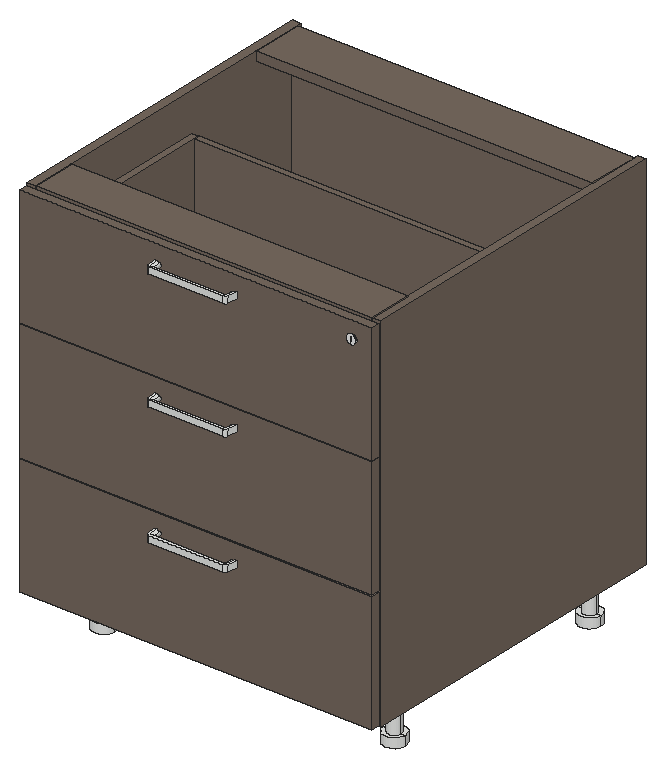
Revit family "Base_Cabinets-Teknion-CEBDT_Base_Cabinet_Three_Drawers-R2022", category Furniture, Revit 2023 (continued)
Dimensions and locks (in)
  Sweep 24 sketch curve to Sweep 24 sketch curve to plane 5 "Right" = 0.43701" locked, 0.74016" locked
  Sweep 24 sketch curve to Sweep 24 sketch curve to plane 4 "Left" = 0.43701" locked, 0.74016" locked
  locked: Sweep 24 sketch curve to Sweep 24 sketch curve at 1.5  (x3)
  locked: Sweep 25 sketch curve to plane 7 "Front" at 0.05906
  Sweep 25 sketch curve to Sweep 25 sketch curve to Sweep 25 sketch curve to plane 5 "Right" = 0.04921" locked, 0.04921" locked, 1.70276" locked
  plane 8 "Top" to Sweep 25 sketch curve to Sweep 25 sketch curve to Sweep 25 sketch curve = 1.39173" locked, 0.18701" locked, 0.18701" locked
  Masking region 4 sketch curve to Masking region 4 sketch curve to Masking region 4 sketch curve to plane 3 "Center Left/Right" to Masking region 4 sketch curve to Masking region 4 sketch curve to Masking region 4 sketch curve = 0.50841" locked, 0.12564" locked, 2.86103" locked, 2.86103" locked, 0.12564" locked, 0.50841" locked
  locked: plane 12 to plane 14 at 0.11812
  locked: plane 15 to plane 16 at 0.11812
  "Dim - Front": plane 14 to plane 15
  locked: plane 17 to plane 9 at 0.11811
  "Dim - Front": plane 16 to plane 17
  locked: plane 8 "Top" to plane 18 at 0.11811
  locked: plane 7 "Front" to Sweep 26 sketch curve at 0.70079
  locked: Sweep 26 sketch curve to plane 4 "Left" at 0.05906
  locked: Sweep 26 sketch curve to plane 5 "Right" at 0.05906
  Sweep 27 sketch curve to Sweep 27 sketch curve to plane 2 = 0.531" locked, 13.82431" locked
  Sweep 27 sketch curve to Sweep 27 sketch curve to Sweep 27 sketch curve to Sweep 27 sketch curve to Sweep 27 sketch curve to plane 3 "Center Left/Right" to Sweep 27 sketch curve to Sweep 27 sketch curve to Sweep 27 sketch curve to Sweep 27 sketch curve to Sweep 27 sketch curve = 0.09873" locked, 0.03907" locked, 0.12564" locked, 0.08343" locked, 3.14821" locked, 3.14821" locked, 0.08343" locked, 0.12564" locked, 0.03907" locked, 0.09873" locked
  Sweep 27 sketch curve to Sweep 27 sketch curve to plane 7 "Front" = 0.23622" locked, 0.7874" locked
  Sweep 28 sketch curve to Sweep 28 sketch curve to plane 2 = 0.531" locked, 12.60561" locked
  Sweep 28 sketch curve to Sweep 28 sketch curve to Sweep 28 sketch curve to Sweep 28 sketch curve to Sweep 28 sketch curve to plane 3 "Center Left/Right" to Sweep 28 sketch curve to Sweep 28 sketch curve to Sweep 28 sketch curve to Sweep 28 sketch curve to Sweep 28 sketch curve = 0.09873" locked, 0.03907" locked, 0.12564" locked, 0.08343" locked, 3.14821" locked, 3.14821" locked, 0.08343" locked, 0.12564" locked, 0.03907" locked, 0.09873" locked
  Sweep 28 sketch curve to Sweep 28 sketch curve to plane 7 "Front" = 0.23622" locked, 0.7874" locked
  Sweep 30 sketch curve to Sweep 30 sketch curve to Sweep 30 sketch curve to Sweep 30 sketch curve to Sweep 30 sketch curve to plane 3 "Center Left/Right" = 0.03625" locked, 0.001" locked, 0.23103" locked, 0.000" locked, 3.03336" locked
  Sweep 30 sketch curve to Sweep 30 sketch curve to Sweep 30 sketch curve to Sweep 30 sketch curve to Sweep 30 sketch curve to plane 2 = 0.11466" locked, 0.15109" locked, 0.15109" locked, 0.11416" locked, 13.82431" locked
  plane 3 "Center Left/Right" to Sweep 30 sketch curve to Sweep 30 sketch curve = 3.17469" locked, 0.25392" locked
  Sweep 30 sketch curve to plane 7 "Front" to Sweep 30 sketch curve = 1.14439" locked, 0.44698" locked
  Sweep 29 sketch curve to Sweep 29 sketch curve to Sweep 29 sketch curve to Sweep 29 sketch curve to Sweep 29 sketch curve to plane 3 "Center Left/Right" = 0.03625" locked, 0.001" locked, 0.23103" locked, 0.000" locked, 3.03336" locked
  Sweep 29 sketch curve to Sweep 29 sketch curve to Sweep 29 sketch curve to Sweep 29 sketch curve to Sweep 29 sketch curve to plane 2 = 0.11466" locked, 0.15109" locked, 0.15109" locked, 0.11416" locked, 12.60561" locked
  plane 3 "Center Left/Right" to Sweep 29 sketch curve to Sweep 29 sketch curve = 3.17469" locked, 0.25392" locked
  Sweep 29 sketch curve to plane 7 "Front" to Sweep 29 sketch curve = 1.14439" locked, 0.44698" locked
  Sweep 31 sketch curve to Sweep 31 sketch curve to Sweep 31 sketch curve to Sweep 31 sketch curve to Sweep 31 sketch curve to plane 3 "Center Left/Right" = 0.03625" locked, 0.001" locked, 0.23103" locked, 0.000" locked, 3.03336" locked
  Sweep 31 sketch curve to Sweep 31 sketch curve to Sweep 31 sketch curve to Sweep 31 sketch curve to Sweep 31 sketch curve to plane 2 = 0.11466" locked, 0.15109" locked, 0.15109" locked, 0.11416" locked, 13.82431" locked
  plane 3 "Center Left/Right" to Sweep 31 sketch curve to Sweep 31 sketch curve = 3.17469" locked, 0.25392" locked
  Sweep 31 sketch curve to plane 7 "Front" to Sweep 31 sketch curve = 1.14439" locked, 0.44698" locked
  Sweep 32 sketch curve to Sweep 32 sketch curve to Sweep 32 sketch curve to Sweep 32 sketch curve to Sweep 32 sketch curve to plane 3 "Center Left/Right" = 0.03625" locked, 0.001" locked, 0.23103" locked, 0.000" locked, 3.03336" locked
  Sweep 32 sketch curve to Sweep 32 sketch curve to Sweep 32 sketch curve to Sweep 32 sketch curve to Sweep 32 sketch curve to plane 2 = 0.11466" locked, 0.15109" locked, 0.15109" locked, 0.11416" locked, 12.60561" locked
  Sweep 33 sketch curve to Sweep 33 sketch curve to plane 2 = 0.531" locked, 11.45975" locked
  Sweep 36 sketch curve to Sweep 36 sketch curve to plane 2 = 0.531" locked, 20.62569"
  Sweep 36 sketch curve to Sweep 36 sketch curve to Sweep 36 sketch curve to Sweep 36 sketch curve to Sweep 36 sketch curve to plane 3 "Center Left/Right" to Sweep 36 sketch curve to Sweep 36 sketch curve to Sweep 36 sketch curve to Sweep 36 sketch curve to Sweep 36 sketch curve = 0.09873" locked, 0.03907" locked, 0.12564" locked, 0.08343" locked, 3.14821" locked, 3.14821" locked, 0.08343" locked, 0.12564" locked, 0.03907" locked, 0.09873" locked
  Sweep 36 sketch curve to Sweep 36 sketch curve to plane 7 "Front" = 0.23622" locked, 0.7874" locked
  Sweep 33 sketch curve to Sweep 33 sketch curve to Sweep 33 sketch curve to Sweep 33 sketch curve to Sweep 33 sketch curve to plane 3 "Center Left/Right" to Sweep 33 sketch curve to Sweep 33 sketch curve to Sweep 33 sketch curve to Sweep 33 sketch curve to Sweep 33 sketch curve = 0.09873" locked, 0.03907" locked, 0.12564" locked, 0.08343" locked, 3.14821" locked, 3.14821" locked, 0.08343" locked, 0.12564" locked, 0.03907" locked, 0.09873" locked
  Sweep 33 sketch curve to Sweep 33 sketch curve to plane 7 "Front" = 0.23622" locked, 0.7874" locked
  plane 3 "Center Left/Right" to Sweep 34 sketch curve to Sweep 34 sketch curve = 3.17469" locked, 0.25392" locked
  Sweep 34 sketch curve to plane 7 "Front" to Sweep 34 sketch curve = 1.14439" locked, 0.44698" locked
  Sweep 34 sketch curve to Sweep 34 sketch curve to Sweep 34 sketch curve to Sweep 34 sketch curve to Sweep 34 sketch curve to plane 3 "Center Left/Right" = 0.03625" locked, 0.001" locked, 0.23103" locked, 0.000" locked, 3.03336" locked
  Sweep 34 sketch curve to Sweep 34 sketch curve to Sweep 34 sketch curve to Sweep 34 sketch curve to Sweep 34 sketch curve to plane 2 = 0.11466" locked, 0.15109" locked, 0.15109" locked, 0.11416" locked, 11.45975" locked
  Sweep 35 sketch curve to Sweep 35 sketch curve to Sweep 35 sketch curve to Sweep 35 sketch curve to Sweep 35 sketch curve to plane 3 "Center Left/Right" = 0.03625" locked, 0.001" locked, 0.23103" locked, 0.000" locked, 3.03336" locked
  Sweep 35 sketch curve to Sweep 35 sketch curve to Sweep 35 sketch curve to Sweep 35 sketch curve to Sweep 35 sketch curve to plane 2 = 0.11466" locked, 0.15109" locked, 0.15109" locked, 0.11416" locked, 11.45975" locked
  Sweep 35 sketch curve to Sweep 35 sketch curve to plane 3 "Center Left/Right" = 0.25392" locked, 3.17469" locked
  Sweep 35 sketch curve to plane 7 "Front" to Sweep 35 sketch curve = 1.14439" locked, 0.44698" locked
  Sweep 37 sketch curve to plane 7 "Front" to Sweep 37 sketch curve = 1.14439" locked, 0.44698" locked
  plane 3 "Center Left/Right" to Sweep 37 sketch curve to Sweep 37 sketch curve = 3.17469" locked, 0.25392" locked
  Sweep 37 sketch curve to Sweep 37 sketch curve to Sweep 37 sketch curve to Sweep 37 sketch curve to Sweep 37 sketch curve to plane 3 "Center Left/Right" = 0.03625" locked, 0.001" locked, 0.23103" locked, 0.000" locked, 3.03336" locked
  Sweep 37 sketch curve to Sweep 37 sketch curve to Sweep 37 sketch curve to Sweep 37 sketch curve to Sweep 37 sketch curve to plane 2 = 0.11466" locked, 0.15109" locked, 0.15109" locked, 0.11416" locked, 20.62569" locked
  Sweep 38 sketch curve to Sweep 38 sketch curve to Sweep 38 sketch curve to Sweep 38 sketch curve to Sweep 38 sketch curve to plane 3 "Center Left/Right" = 0.03625" locked, 0.001" locked, 0.23103" locked, 0.000" locked, 3.03336" locked
  Sweep 38 sketch curve to Sweep 38 sketch curve to Sweep 38 sketch curve to Sweep 38 sketch curve to Sweep 38 sketch curve to plane 2 = 0.11466" locked, 0.15109" locked, 0.15109" locked, 0.11416" locked, 20.62569" locked
  Sweep 38 sketch curve to Sweep 38 sketch curve to plane 3 "Center Left/Right" = 0.25392" locked, 3.17469" locked
  Sweep 38 sketch curve to plane 7 "Front" to Sweep 38 sketch curve = 1.14439" locked, 0.44698" locked
  Sweep 10 sketch curve to Sweep 10 sketch curve to plane 17 = 0.43307" locked, 1.66142" locked
  Sweep 10 sketch curve to Sweep 10 sketch curve to plane 15 = 0.43307" locked, 0.650" locked
  locked: Sweep 24 sketch curve to plane 12 at 0.67795
  locked: Sweep 24 sketch curve to plane 17 at 1.88189
  locked: Sweep 24 sketch curve to plane 15 at 0.67756
  Sweep 39 sketch curve to Sweep 39 sketch curve to plane 7 "Front" = 19.29121" locked, 0.70079" locked
  "Dim - Height - Drawer 1 - Undermount": Sweep 39 sketch curve to Sweep 39 sketch curve
  Sweep 39 sketch curve to plane 12 = 1.122"
  Sweep 39 sketch curve to plane 17 = 2.13386"
  Sweep 39 sketch curve to Sweep 39 sketch curve to plane 5 "Right" = 0.62992" locked, 0.89764" locked
  Sweep 39 sketch curve to Sweep 39 sketch curve to plane 4 "Left" = 0.62992" locked, 0.89764" locked
  Sweep 39 sketch curve to plane 15 = 1.12244"
  "Dim - Height - Drawer 2 & 3 - Undermount": Sweep 39 sketch curve to Sweep 39 sketch curve  (x2)
  locked: Sweep 40 sketch curve to plane 5 "Right" at 1.52756
  locked: plane 4 "Left" to Sweep 40 sketch curve at 1.52756
  plane 7 "Front" to Sweep 40 sketch curve to Sweep 40 sketch curve to Sweep 40 sketch curve to Sweep 40 sketch curve = 0.70079" locked, 0.62992" locked, 18.0315" locked, 0.6298" locked
  locked: Sweep 40 sketch curve to plane 17 at 2.13386
  locked: Sweep 40 sketch curve to plane 15 at 1.12244
  locked: Sweep 40 sketch curve to plane 12 at 1.122
  "Dim - Height - Drawer 2 & 3 - Undermount": Sweep 40 sketch curve to Sweep 40 sketch curve  (x2)
  "Dim - Height - Drawer 1 - Undermount": Sweep 40 sketch curve to Sweep 40 sketch curve
  locked: plane 4 "Left" to Sweep 41 sketch curve at 1.52756
  locked: Sweep 41 sketch curve to plane 5 "Right" at 1.52756
  plane 7 "Front" to Sweep 41 sketch curve to Sweep 41 sketch curve = 1.33071" locked, 18.0315" locked
  Sweep 41 sketch curve to Sweep 41 sketch curve to plane 17 = 1.22047" locked, 2.13386" locked
  Sweep 41 sketch curve to Sweep 41 sketch curve to plane 16 = 1.22047" locked, 1.24056" locked
  Sweep 41 sketch curve to Sweep 41 sketch curve to plane 12 = 1.22047" locked, 1.122" locked
  Sweep 10 sketch curve to Sweep 10 sketch curve to plane 12 = 0.43307" locked, 0.65019" locked
  Sweep 42 sketch curve to Sweep 42 sketch curve to plane 7 "Front" = 16.14173" locked, 0.70079" locked
  Sweep 42 sketch curve to Sweep 42 sketch curve to plane 4 "Left" = 0.52362" locked, 1.21654" locked
  Sweep 42 sketch curve to Sweep 42 sketch curve to plane 5 "Right" = 0.52362" locked, 1.21654" locked
  locked: Sweep 42 sketch curve to plane 12 at 0.17775
  "Dim - Height - Drawer 1 - Standard": Sweep 42 sketch curve to Sweep 42 sketch curve
  locked: Sweep 42 sketch curve to plane 15 at 0.17746
  locked: Sweep 42 sketch curve to plane 17 at 1.38189
  "Dim - Height - Drawer 2 & 3 - Standard": Sweep 42 sketch curve to Sweep 42 sketch curve  (x2)
  locked: Sweep 43 sketch curve to plane 5 "Right" at 1.74016
  locked: plane 4 "Left" to Sweep 43 sketch curve at 1.74016
  plane 7 "Front" to Sweep 43 sketch curve to Sweep 43 sketch curve to Sweep 43 sketch curve to Sweep 43 sketch curve = 0.70079" locked, 0.52362" locked, 15.09449" locked, 0.52362" locked
  locked: Sweep 43 sketch curve to plane 12 at 0.17775
  locked: Sweep 43 sketch curve to plane 15 at 0.17746
  locked: Sweep 43 sketch curve to plane 17 at 1.38189
  "Dim - Height - Drawer 1 - Standard": Sweep 43 sketch curve to Sweep 43 sketch curve
  "Dim - Height - Drawer 2 & 3 - Standard": Sweep 43 sketch curve to Sweep 43 sketch curve  (x2)
  plane 7 "Front" to Sweep 44 sketch curve to Sweep 44 sketch curve = 1.22441" locked, 15.09449" locked
  locked: Sweep 44 sketch curve to plane 4 "Left" at 1.74016
  locked: Sweep 44 sketch curve to plane 5 "Right" at 1.74016
  Sweep 44 sketch curve to Sweep 44 sketch curve to plane 12 = 0.79134" locked, 0.17775" locked
  Sweep 44 sketch curve to Sweep 44 sketch curve to plane 15 = 0.79134" locked, 0.17746" locked
  Sweep 44 sketch curve to Sweep 44 sketch curve to plane 17 = 0.79134" locked, 1.38189" locked
  aligned and locked: level to plane 2
  aligned and locked: plane 4 "Left" to Sweep 1 sketch curve
  aligned and locked: plane 1 "Center Front/Back" to Sweep 1 sketch curve
  aligned and locked: Sweep 1 sketch curve to plane 8 "Top"
  aligned and locked: Sweep 1 sketch curve to plane 6 "Back"
  aligned and locked: plane 9 to Sweep 1 sketch curve
  aligned and locked: Sweep 2 sketch curve to plane 1 "Center Front/Back"
  aligned and locked: plane 5 "Right" to Sweep 2 sketch curve
  aligned and locked: plane 8 "Top" to Sweep 2 sketch curve
  aligned and locked: plane 6 "Back" to Sweep 2 sketch curve
  aligned and locked: Sweep 2 sketch curve to plane 9
  aligned and locked: Sweep 3 sketch curve to plane 1 "Center Front/Back"
  aligned and locked: plane 8 "Top" to Sweep 3 sketch curve
  aligned and locked: Sweep 3 sketch curve to plane 8 "Top"
  aligned and locked: Sweep 4 sketch curve to plane 1 "Center Front/Back"
  aligned and locked: curve 1 to plane 6 "Back"
  aligned and locked: plane 7 "Front" to curve 2
  aligned and locked: curve 3 to plane 4 "Left"
  aligned and locked: plane 5 "Right" to curve 4
  aligned and locked: plane 7 "Front" to nested 4
  aligned and locked: nested 4 to plane 5 "Right"
  aligned and locked: nested 3 to plane 5 "Right"
  aligned and locked: nested 3 to plane 6 "Back"
  aligned and locked: nested 1 to plane 6 "Back"
  aligned and locked: plane 4 "Left" to nested 1
  aligned and locked: nested 2 to plane 4 "Left"
  aligned and locked: plane 7 "Front" to nested 2
  aligned and locked: Sweep 5 sketch curve to plane 3 "Center Left/Right"
  aligned and locked: plane 9 to Sweep 5 sketch curve
  aligned and locked: Revolve 9 sketch curve to plane 9
  aligned and locked: plane 2 to Revolve 9 sketch curve
  aligned and locked: Revolve 6 sketch curve to plane 9
  aligned and locked: plane 2 to Revolve 6 sketch curve
  aligned and locked: plane 2 to Revolve 7 sketch curve
  aligned and locked: Revolve 7 sketch curve to plane 9
  aligned and locked: Revolve 8 sketch curve to plane 9
  aligned and locked: plane 2 to Revolve 8 sketch curve
  aligned and locked: plane 3 "Center Left/Right" to Sweep 10 sketch curve
  aligned and locked: Sweep 10 sketch curve to Sweep 10 sketch curve  (x14)
  aligned and locked: Sweep 11 sketch curve to plane 3 "Center Left/Right"
  aligned and locked: plane 7 "Front" to Sweep 11 sketch curve  (x2)
  aligned and locked: Sweep 12 sketch curve to plane 3 "Center Left/Right"
  aligned and locked: plane 7 "Front" to Sweep 12 sketch curve  (x2)
  aligned and locked: plane 3 "Center Left/Right" to Sweep 13 sketch curve
  aligned and locked: plane 7 "Front" to Sweep 13 sketch curve  (x2)
  aligned and locked: Sweep 14 sketch curve to plane 3 "Center Left/Right"
  aligned and locked: plane 7 "Front" to Sweep 14 sketch curve  (x2)
  aligned and locked: Sweep 23 sketch curve to plane 3 "Center Left/Right"
  aligned and locked: plane 7 "Front" to Sweep 23 sketch curve
  aligned and locked: Sweep 23 sketch curve to Sweep 23 sketch curve  (x2)
  aligned and locked: plane 3 "Center Left/Right" to Sweep 24 sketch curve
  aligned and locked: Sweep 24 sketch curve to Sweep 24 sketch curve  (x14)
  aligned and locked: Sweep 25 sketch curve to plane 3 "Center Left/Right"
  aligned and locked: plane 7 "Front" to Sweep 25 sketch curve
  aligned and locked: Masking region 1 sketch curve to Sweep 1  (x2)
  aligned and locked: Sweep 1 to Masking region 1 sketch curve
  aligned and locked: Masking region 1 sketch curve to Sweep 3  (x2)
  aligned and locked: Masking region 1 sketch curve to Sweep 2  (x3)
  aligned and locked: Masking region 3 sketch curve to Sweep 25  (x4)
  aligned and locked: Masking region 4 sketch curve to cut or joined group of Sweep 14, Sweep 15, Sweep 19, Sweep 23  (x3)
  aligned and locked: cut or joined group of Sweep 14, Sweep 15, Sweep 19, Sweep 23 to Masking region 4 sketch curve
  aligned and locked: plane 7 "Front" to Masking region 4 sketch curve
  aligned and locked: plane 3 "Center Left/Right" to Sweep 26 sketch curve
  aligned and locked: plane 7 "Front" to Sweep 26 sketch curve
  aligned and locked: plane 17 to Sweep 26 sketch curve
  aligned and locked: Sweep 26 sketch curve to plane 16
  aligned and locked: plane 15 to Sweep 26 sketch curve
  aligned and locked: Sweep 26 sketch curve to plane 14
  aligned and locked: plane 12 to Sweep 26 sketch curve
  aligned and locked: Sweep 26 sketch curve to plane 18
  aligned and locked: Sweep 26 sketch curve to Sweep 26 sketch curve  (x4)
  aligned and locked: Sweep 27 sketch curve to plane 3 "Center Left/Right"
  aligned and locked: Sweep 27 sketch curve to plane 7 "Front"  (x2)
  aligned and locked: plane 3 "Center Left/Right" to Sweep 28 sketch curve
  aligned and locked: Sweep 28 sketch curve to plane 7 "Front"  (x2)
  aligned and locked: Sweep 33 sketch curve to plane 3 "Center Left/Right"
  aligned and locked: Sweep 36 sketch curve to plane 7 "Front"  (x2)
  aligned and locked: Sweep 33 sketch curve to plane 7 "Front"  (x2)
  aligned and locked: Sweep 39 sketch curve to plane 3 "Center Left/Right"
  aligned and locked: Sweep 39 sketch curve to Sweep 39 sketch curve  (x14)
  aligned and locked: Sweep 40 sketch curve to plane 1 "Center Front/Back"
  aligned and locked: Sweep 40 sketch curve to Sweep 40 sketch curve  (x14)
  aligned and locked: plane 1 "Center Front/Back" to Sweep 41 sketch curve
  aligned and locked: Sweep 41 sketch curve to Sweep 41 sketch curve  (x4)
  aligned and locked: Sweep 42 sketch curve to plane 3 "Center Left/Right"
  aligned and locked: Sweep 42 sketch curve to Sweep 42 sketch curve  (x14)
  aligned and locked: Sweep 43 sketch curve to plane 1 "Center Front/Back"
  aligned and locked: Sweep 43 sketch curve to Sweep 43 sketch curve  (x14)
  aligned and locked: Sweep 44 sketch curve to plane 3 "Center Left/Right"
  aligned and locked: Sweep 44 sketch curve to Sweep 44 sketch curve  (x4)
  aligned and locked: curve 5 to cut or joined group of Sweep 13, Sweep 18, Sweep 20, Sweep 23
  aligned and locked: curve 6 to cut or joined group of Sweep 13, Sweep 18, Sweep 20, Sweep 23
  aligned and locked: curve 7 to cut or joined group of Sweep 13, Sweep 18, Sweep 20, Sweep 23
  aligned and locked: Masking region 5 sketch curve to Sweep 39  (x2)
  aligned and locked: Sweep 1 to Masking region 5 sketch curve
  aligned and locked: Sweep 26 to Masking region 5 sketch curve
  aligned and locked: Masking region 6 sketch curve to Sweep 42  (x2)
  aligned and locked: Sweep 26 to Masking region 6 sketch curve
  aligned and locked: Sweep 1 to Masking region 6 sketch curve
  aligned and locked: curve 8 to Sweep 1
  aligned and locked: curve 9 to Sweep 2
  aligned and locked: curve 10 to Sweep 3
  aligned and locked: curve 11 to Sweep 3
  aligned and locked: curve 12 to Sweep 43
  aligned and locked: curve 13 to Sweep 43
  aligned and locked: Sweep 42 to curve 15
  aligned and locked: Sweep 42 to curve 16
  aligned and locked: curve 17 to Sweep 42
  aligned and locked: Sweep 42 to curve 18
  aligned and locked: Sweep 42 to curve 19
  aligned and locked: Sweep 42 to curve 20
  aligned and locked: curve 21 to Sweep 42
  aligned and locked: curve 22 to Sweep 43
  aligned and locked: Sweep 42 to curve 24
  aligned and locked: curve 25 to Sweep 24
  aligned and locked: Sweep 24 to curve 26
  aligned and locked: Sweep 24 to curve 27
  aligned and locked: curve 28 to Sweep 24
  aligned and locked: Sweep 24 to curve 29
  aligned and locked: curve 30 to Sweep 24
  aligned and locked: curve 31 to Sweep 24
  aligned and locked: Sweep 24 to curve 32
  aligned and locked: curve 34 to Sweep 24
  aligned and locked: Sweep 24 to curve 33
  aligned and locked: curve 35 to Sweep 10
  aligned and locked: curve 36 to Sweep 10
  aligned and locked: curve 37 to Sweep 10
  aligned and locked: curve 38 to Sweep 10
  aligned and locked: curve 39 to Sweep 10
  aligned and locked: curve 40 to Sweep 10
  aligned and locked: Sweep 39 to curve 42
  aligned and locked: Sweep 39 to curve 43
  aligned and locked: Sweep 39 to curve 44
  aligned and locked: curve 45 to Sweep 39
  aligned and locked: Sweep 39 to curve 46
  aligned and locked: curve 47 to Sweep 40
  aligned and locked: Sweep 39 to curve 48
  aligned and locked: Sweep 39 to curve 49
  aligned and locked: Sweep 39 to curve 50
  aligned and locked: curve 51 to Sweep 39
  aligned and locked: curve 57 to Sweep 40
  aligned and locked: curve 56 to Sweep 40
  aligned and locked: curve 55 to Sweep 40
  aligned and locked: plane 13 to curve 60
  aligned and locked: plane 13 to curve 61
  aligned and locked: plane 13 to curve 58
  aligned and locked: plane 13 to curve 62
  aligned and locked: curve 63 to Sweep 40
  aligned and locked: curve 59 to Sweep 40
  aligned and locked: curve 62 to Sweep 40
  aligned and locked: curve 58 to Sweep 39
  aligned and locked: curve 61 to Sweep 40
  aligned and locked: curve 60 to Sweep 39
  aligned and locked: curve 64 to Revolve 6
  aligned and locked: curve 65 to Revolve 6
  aligned and locked: curve 66 to Revolve 6
  aligned and locked: curve 67 to Revolve 6
  aligned and locked: curve 68 to Revolve 7
  aligned and locked: curve 69 to Revolve 7
  aligned and locked: curve 70 to Revolve 7
  aligned and locked: curve 71 to Revolve 7
  aligned and locked: curve 72 to Revolve 8
  aligned and locked: curve 73 to Revolve 8
  aligned and locked: curve 74 to Revolve 8
  aligned and locked: curve 75 to Revolve 8
  aligned and locked: curve 76 to Revolve 9
  aligned and locked: curve 77 to Revolve 9
  aligned and locked: curve 78 to Revolve 9
  aligned and locked: curve 79 to Revolve 9
  aligned and locked: curve 80 to Sweep 25
  aligned and locked: curve 81 to Sweep 25
  aligned and locked: curve 82 to Sweep 4
Automatic sketch dimensions
  Sweep 15 sketch curve to profile plane = 0.000"
  Sweep 15 sketch curve to profile plane = 0.03671"
  Sweep 15 sketch curve to profile plane = 0.03773"
  Sweep 15 sketch curve to profile plane = 0.19795"
  Sweep 15 sketch curve to Sweep 15 sketch curve = 0.07373"  (x2)
  level to Sweep 15 sketch curve = 29.79597"
  Sweep 15 sketch curve to Sweep 15 sketch curve = 0.11416"
  Sweep 16 sketch curve to profile plane = 0.000"
  Sweep 16 sketch curve to profile plane = 0.03671"
  Sweep 16 sketch curve to profile plane = 0.03773"
  Sweep 16 sketch curve to profile plane = 0.19795"
  Sweep 16 sketch curve to Sweep 16 sketch curve = 0.07373"  (x2)
  profile plane to Sweep 16 sketch curve = 29.79597"
  Sweep 16 sketch curve to Sweep 16 sketch curve = 0.11416"
  Sweep 17 sketch curve to profile plane = 0.000"
  Sweep 17 sketch curve to profile plane = 0.03671"
  Sweep 17 sketch curve to profile plane = 0.03773"
  Sweep 17 sketch curve to profile plane = 0.19795"
  Sweep 17 sketch curve to Sweep 17 sketch curve = 0.07373"  (x2)
  profile plane to Sweep 17 sketch curve = 29.79597"
  Sweep 17 sketch curve to Sweep 17 sketch curve = 0.11416"
  Sweep 18 sketch curve to profile plane = 0.000"
  Sweep 18 sketch curve to Sweep 18 sketch curve = 0.03671"
  Sweep 18 sketch curve to Sweep 18 sketch curve = 0.03773"
  Sweep 18 sketch curve to profile plane = 0.19795"
  Sweep 18 sketch curve to Sweep 18 sketch curve = 0.07373"  (x2)
  profile plane to Sweep 18 sketch curve = 29.79597"
  Sweep 18 sketch curve to Sweep 18 sketch curve = 0.11416"
  Sweep 19 sketch curve to profile plane = 0.000"
  profile plane to Sweep 19 sketch curve = 0.03671"
  profile plane to Sweep 19 sketch curve = 0.03773"
  profile plane to Sweep 19 sketch curve = 0.19795"
  Sweep 19 sketch curve to Sweep 19 sketch curve = 0.07373"  (x2)
  level to Sweep 19 sketch curve = 29.79597"
  Sweep 19 sketch curve to Sweep 19 sketch curve = 0.11416"
  Sweep 20 sketch curve to profile plane = 0.000"
  profile plane to Sweep 20 sketch curve = 0.03671"
  profile plane to Sweep 20 sketch curve = 0.03773"
  profile plane to Sweep 20 sketch curve = 0.19795"
  Sweep 20 sketch curve to Sweep 20 sketch curve = 0.07373"  (x2)
  profile plane to Sweep 20 sketch curve = 29.79597"
  Sweep 20 sketch curve to Sweep 20 sketch curve = 0.11416"
  Sweep 21 sketch curve to profile plane = 0.000"
  profile plane to Sweep 21 sketch curve = 0.03671"
  profile plane to Sweep 21 sketch curve = 0.03773"
  Sweep 22 sketch curve to profile plane = 0.000"
  profile plane to Sweep 22 sketch curve = 0.03671"
  profile plane to Sweep 22 sketch curve = 0.03773"
  profile plane to Sweep 22 sketch curve = 0.19795"
  Sweep 22 sketch curve to Sweep 22 sketch curve = 0.07373"  (x2)
  profile plane to Sweep 22 sketch curve = 29.79597"
  Sweep 22 sketch curve to Sweep 22 sketch curve = 0.11416"
  Sweep 29 sketch curve to profile plane = 0.000"
  Sweep 29 sketch curve to profile plane = 0.03671"
  Sweep 29 sketch curve to profile plane = 0.03773"
  Sweep 29 sketch curve to profile plane = 0.19795"
  Sweep 29 sketch curve to Sweep 29 sketch curve = 0.07373"  (x2)
  profile plane to Sweep 29 sketch curve = 20.66733"
  Sweep 29 sketch curve to Sweep 29 sketch curve = 0.11416"
  Sweep 30 sketch curve to profile plane = 0.000"
  Sweep 30 sketch curve to profile plane = 0.03671"
  Sweep 30 sketch curve to profile plane = 0.03773"
  Sweep 30 sketch curve to profile plane = 0.19795"
  Sweep 30 sketch curve to Sweep 30 sketch curve = 0.07373"  (x2)
  profile plane to Sweep 30 sketch curve = 20.66733"
  Sweep 30 sketch curve to Sweep 30 sketch curve = 0.11416"
  Sweep 31 sketch curve to profile plane = 0.000"
  Sweep 31 sketch curve to Sweep 31 sketch curve = 0.03671"
  Sweep 31 sketch curve to Sweep 31 sketch curve = 0.03773"
  Sweep 31 sketch curve to Sweep 31 sketch curve = 0.07373"  (x2)
  level to Sweep 31 sketch curve = 13.82431"
  Sweep 31 sketch curve to Sweep 31 sketch curve = 0.11416"
  Sweep 31 sketch curve to Sweep 31 sketch curve = 0.11466"
  Sweep 32 sketch curve to profile plane = 0.000"
  Sweep 32 sketch curve to profile plane = 0.03671"
  Sweep 32 sketch curve to profile plane = 0.03773"
  Sweep 32 sketch curve to Sweep 32 sketch curve = 0.07373"  (x2)
  profile plane to Sweep 32 sketch curve = 13.82431"
  Sweep 32 sketch curve to Sweep 32 sketch curve = 0.11416"
  Sweep 32 sketch curve to Sweep 32 sketch curve = 0.11466"
  Revolve 6 sketch curve to level = 3.11614"
  plane 17 to Revolve 6 sketch curve = 1.88189"
  Revolve 7 sketch curve to level = 2.11614"
  plane 17 to Revolve 7 sketch curve = 1.88189"
  Revolve 8 sketch curve to level = 1.11614"
  plane 17 to Revolve 8 sketch curve = 1.13189"
  plane 17 to Revolve 9 sketch curve = 1.38189"
  Revolve 9 sketch curve to level = 3.11614"
  profile plane to Sweep 23 sketch curve = 3.70705"
  Sweep 25 sketch curve to Sweep 25 sketch curve = 0.34449"
  Sweep 25 sketch curve to Sweep 25 sketch curve = 0.18701"  (x2)
  Sweep 34 sketch curve to profile plane = 0.000"
  Sweep 34 sketch curve to profile plane = 0.03671"
  Sweep 34 sketch curve to profile plane = 0.03773"
  Sweep 34 sketch curve to Sweep 34 sketch curve = 0.07373"  (x2)
  level to Sweep 34 sketch curve = 11.45975"
  Sweep 34 sketch curve to Sweep 34 sketch curve = 0.11416"
  Sweep 34 sketch curve to Sweep 34 sketch curve = 0.11466"
  Sweep 35 sketch curve to profile plane = 0.000"
  Sweep 35 sketch curve to profile plane = 0.03671"
  Sweep 35 sketch curve to profile plane = 0.03773"
  Sweep 35 sketch curve to Sweep 35 sketch curve = 0.07373"  (x2)
  level to Sweep 35 sketch curve = 11.45975"
  Sweep 35 sketch curve to Sweep 35 sketch curve = 0.11416"
  Sweep 35 sketch curve to Sweep 35 sketch curve = 0.11466"
  Sweep 36 sketch curve to plane 3 "Center Left/Right" = 0.000"
  Sweep 37 sketch curve to profile plane = 0.000"
  Sweep 37 sketch curve to profile plane = 0.03671"
  Sweep 37 sketch curve to profile plane = 0.03773"
  Sweep 37 sketch curve to Sweep 37 sketch curve = 0.07373"  (x2)
  profile plane to Sweep 37 sketch curve = 11.45975"
  Sweep 37 sketch curve to Sweep 37 sketch curve = 0.11416"
  Sweep 37 sketch curve to Sweep 37 sketch curve = 0.11466"
  Sweep 38 sketch curve to profile plane = 0.000"
  Sweep 38 sketch curve to profile plane = 0.03671"
  Sweep 38 sketch curve to profile plane = 0.03773"
  Sweep 38 sketch curve to Sweep 38 sketch curve = 0.07373"  (x2)
  profile plane to Sweep 38 sketch curve = 11.45975"
  Sweep 38 sketch curve to Sweep 38 sketch curve = 0.11416"
  Sweep 38 sketch curve to Sweep 38 sketch curve = 0.11466"
  Sweep 14 sketch curve to Sweep 14 sketch curve = 0.01669"
  plane 7 "Front" to Masking region 2 sketch curve = 0.000"
  plane 4 "Left" to Masking region 2 sketch curve = 0.05906"
  plane 5 "Right" to Masking region 2 sketch curve = 0.05906"
  Masking region 2 sketch curve to plane 7 "Front" = 0.70079"
  plane 7 "Front" to Sweep 32 sketch curve = 1.14439"
  plane 3 "Center Left/Right" to Sweep 32 sketch curve = 3.17469"
  Sweep 32 sketch curve to plane 7 "Front" = 0.44698"
  Sweep 32 sketch curve to Sweep 32 sketch curve = 0.25392"
  plane 1 "Center Front/Back" to Sweep 43 sketch curve = 0.000"
  plane 7 "Front" to curve 6 = 0.000"
  plane 7 "Front" to curve 7 = 0.000"
  curve 8 to plane 6 "Back" = 0.000"
  curve 9 to plane 6 "Back" = 0.000"
  curve 26 to curve 14 = 0.03937"
  curve 24 to curve 22 = 0.38583"
  curve 18 to curve 22 = 0.38583"
  curve 21 to curve 20 = 0.1378"
  curve 23 to curve 18 = 0.1378"
  curve 21 to curve 51 = 0.000"
  curve 46 to curve 20 = 0.1378"
  curve 24 to curve 20 = 0.1378"
  curve 45 to curve 23 = 0.000"
  curve 19 to curve 45 = 0.000"
  curve 49 to curve 19 = 0.000"
  curve 21 to curve 32 = 0.1378"
  curve 49 to curve 33 = 0.1378"
  curve 38 to plane 7 "Front" = 0.83858"
  curve 45 to curve 48 = 0.1378"
  curve 46 to curve 39 = 0.1378"
  curve 45 to curve 48 = 0.000"
  curve 19 to curve 34 = 0.1378"
  curve 50 to curve 39 = 0.000"
  curve 51 to curve 9 = 0.1378"
  curve 46 to curve 50 = 0.000"
  curve 36 to plane 7 "Front" = 0.83858"
  curve 8 to curve 33 = 0.000"
  curve 31 to curve 9 = 0.000"
  curve 35 to curve 45 = 0.000"
  curve 25 to curve 18 = 0.000"
  curve 17 to curve 32 = 0.000"
  curve 16 to curve 32 = 0.000"
  curve 21 to curve 16 = 0.000"
  curve 15 to curve 18 = 0.000"
  curve 25 to curve 19 = 0.000"
  curve 26 to curve 19 = 0.000"
  curve 14 to curve 19 = 0.000"
  curve 44 to curve 11 = 0.000"
  curve 17 to curve 43 = 0.000"
  curve 42 to curve 15 = 0.000"
  curve 28 to curve 32 = 0.000"
  curve 29 to curve 11 = 0.000"
  curve 25 to curve 41 = 0.000"
  curve 48 to curve 42 = 0.000"
  curve 49 to curve 41 = 0.000"
  curve 31 to curve 29 = 0.000"
  curve 50 to curve 43 = 0.000"
  curve 34 to curve 26 = 0.000"
  curve 51 to curve 44 = 0.000"
  curve 20 to curve 17 = 0.000"
  curve 65 to plane 11 "Foot 1" = 0.000"  (x2)
  curve 67 to plane 11 "Foot 1" = 0.000"  (x2)
  curve 69 to plane 11 "Foot 1" = 0.000"
  curve 70 to plane 11 "Foot 1" = 0.000"
  curve 68 to plane 11 "Foot 1" = 0.000"  (x2)
  curve 74 to plane 10 "Foot 2" = 0.000"
  curve 73 to plane 10 "Foot 2" = 0.000"
  curve 75 to plane 10 "Foot 2" = 0.000"
  curve 72 to plane 10 "Foot 2" = 0.000"
  curve 78 to plane 10 "Foot 2" = 0.000"  (x2)
  curve 79 to plane 10 "Foot 2" = 0.000"  (x2)
  plane 7 "Front" to curve 80 = 0.000"
  curve 80 to curve 80 = 0.05906"
  plane 7 "Front" to curve 81 = 0.000"
  curve 81 to curve 81 = 0.05906"
  Sweep 42 sketch curve to Sweep 42 sketch curve = 0.52362"
Nested families (in)
  nested 1: "Teknion_2D_Node_Family-R2016" at (6, 0, 0), type "Teknion_2D_Node_Family-R2016"
  nested 2: "Teknion_2D_Node_Family-R2016" at (6, -29, 0), type "Teknion_2D_Node_Family-R2016"
  nested 3: "Teknion_2D_Node_Family-R2016" at (36, 0, 0), type "Teknion_2D_Node_Family-R2016"
  nested 4: "Teknion_2D_Node_Family-R2016" at (36, -29, 0), type "Teknion_2D_Node_Family-R2016"
Definition of nested family "Teknion_2D_Node_Family-R2016"
  Reference planes (in)
    plane 1 "Center (Front/Back)": y = 0
    plane 2: z = 0
    plane 3 "Center (Left/Right)": x = 0
  Lines and regions (in)
    detail lines, in view "Ref. Level"
      curve 1: circle (0, 0, 0) r 1.25 normal (0, 0, 1)
      curve 2: line (1.91508, -1.91508, 0) -> (-1.91508, 1.91508, 0)
      curve 3: line (-1.91508, -1.91508, 0) -> (1.91508, 1.91508, 0)
Types (2): name | U - One Small & Two Large | Handle 7 | Handle 6 | Handle 4 | Handle 3 | E - Equal | Model | Dim - Height - Drawer 1 - Standard | Dim - Front | Description
  Equal Configuration | no | yes | no | yes | no | yes | "CEBDTE____" | 7.205" | 10.131" | "Base Cabinet - Three Drawers, Equal Configuration"
  One Small & Two Large Configuration | yes | no | yes | no | yes | no | "CEBDTU____" | 4.685" | 11.412" | "Base Cabinet - Three Drawers, One Small & Two Large Configuration"
